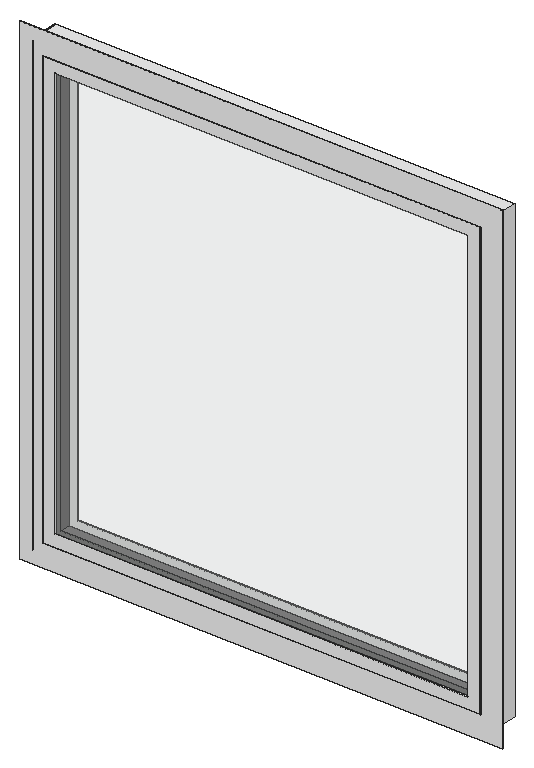
Revit family "Casement_34_E_Top_Hung_Custom", category Windows, host Wall, Revit 2014
Parameters (values of type "Casement_Sash_DG")
  Width Sash [instance] = 30 mm
  Width Sash Inner = 15 mm
  Width Bead = 15 mm
  Top Hung [instance] = yes
  Side Hung Right [instance] = yes
  Side Hung Left [instance] = yes
  Sash Opening Width [instance] = 600 mm
  Sash Opening Height [instance] = 600.312 mm
  Sash Lip = 15 mm
  Glazing Material [instance] = Glass
  DG Start Piece 2 [instance] = DG End Piece 1 + DG Gasket Thickness  # 25 mm
  DG Start Peice 1 [instance] = (Depth Sash - (2 * DG Glazing Thickness) - DG Gasket Thickness) / 2  # 6.6 mm
  Glazing Offset = 5 mm
  DG Glazing Thickness [instance] = 6.4 mm
  DG Gasket Thickness = 12 mm  # constant formula
  DG Gasket Material [instance] = Double Glazing Gasket Material
  DG End Piece 2 [instance] = DG Start Piece 2 + DG Glazing Thickness  # 31.4 mm
  DG End Piece 1 [instance] = DG Start Peice 1 + DG Glazing Thickness  # 13 mm
  Depth Sash [instance] = 38 mm
  Center Vertical Sash [instance] = Sash Opening Height / 2  # 300.156 mm
  Center Horizontal Sash [instance] = Sash Opening Width / 2  # 300 mm
  Bottom Hung [instance] = yes
  Bead Offset = 15 mm
  Aluminium Thickness = 1 mm
  Aluminium Material [instance] = White Powder Coated Aluminium
Reference planes
  plane 1 "Center (Front/Back)": y = 0
  plane 2: z = 0
  plane 3 "Center (Left/Right)": x = 0
Forms (mm)
  Sweep 1, solid, material "White Powder Coated Aluminium" <- "Aluminium Material"
    path origin (16.177, 0, 121.331) x (1, 0, 0) y (0, 0, 1)
      loop
        line (0, 0) -> (600, 0) -> (600, 600.312) -> (0, 600.312) -> (0, 0)
    profile origin (316.177, 0, 121.331) x (0, 0, 1) y (0, -1, 0)
      loop
        line (0, 0) -> (30, 0) -> (30, 1) -> (15, 1) -> (15, 38) -> (-15, 38) -> (-15, 37) -> (0, 37) -> (0, 0)
      loop
        line (14, 1) -> (14, 37) -> (1, 37) -> (1, 1) -> (14, 1)
  Sweep 2, solid, material "White Powder Coated Aluminium" <- "Aluminium Material"
    path origin (0, 0, 0) x (1, 0, 0) y (0, 0, 1)
      loop
        line (31.177, 706.643) -> (31.177, 136.331) -> (601.177, 136.331) -> (601.177, 706.643) -> (31.177, 706.643)
    profile origin (316.177, 0, 706.643) x (0, 0, 1) y (0, -1, 0)
      loop
        line (0, 37) -> (0, 38) -> (-15, 38) -> (-15, 37) -> (0, 37)
  Extrusion 3, solid, material "Glass" <- "Glazing Material"
    sketch origin (0, 0, 0) x (1, 0, 0) y (0, 0, 1)
      loop
        line (36.177, 701.643) -> (36.177, 141.331) -> (596.177, 141.331) -> (596.177, 701.643) -> (36.177, 701.643)
    from 6.6 <- "DG Start Peice 1" to 13 <- "DG End Piece 1"
  Extrusion 4, solid, material "Glass" <- "Glazing Material"
    sketch origin (0, 0, 0) x (1, 0, 0) y (0, 0, 1)
      loop
        line (36.177, 701.643) -> (36.177, 141.331) -> (596.177, 141.331) -> (596.177, 701.643) -> (36.177, 701.643)
    from 31.4 <- "DG End Piece 2" to 25 <- "DG Start Piece 2"
  Sweep 5, solid, material "Double Glazing Gasket Material" <- "DG Gasket Material"
    path origin (0, -13, 0) x (1, 0, 0) y (0, 0, 1)
      loop
        line (36.177, 701.643) -> (36.177, 141.331) -> (596.177, 141.331) -> (596.177, 701.643) -> (36.177, 701.643)
    profile origin (316.177, -13, 701.643) x (0, 0, 1) y (0, -1, 0)
      loop
        line (0, 0) -> (0, 12) -> (-7.96, 12) -> (-7.96, 0) -> (0, 0)
Lines and regions (mm)
  model lines
    curve 1: line (1.177, -38, 736.643) -> (31.177, -38, 706.643)
    curve 2: line (601.177, -38, 706.643) -> (631.177, -38, 736.643)
    curve 3: line (601.177, -38, 136.331) -> (631.177, -38, 106.331)
    curve 4: line (1.177, -38, 106.331) -> (31.177, -38, 136.331)
    curve 5: line (631.177, -37, 736.643) -> (616.177, -37, 721.643)
    curve 6: line (1.177, -37, 736.643) -> (16.177, -37, 721.643)
    curve 7: line (1.177, -37, 106.331) -> (16.177, -37, 121.331)
    curve 8: line (631.177, -37, 106.331) -> (616.177, -37, 121.331)
    curve 9: line (616.177, 0, 121.331) -> (586.177, 0, 151.331)
    curve 10: line (46.177, 0, 151.331) -> (16.177, 0, 121.331)
    curve 11: line (616.177, 0, 721.643) -> (586.177, 0, 691.643)
    curve 12: line (46.177, 0, 691.643) -> (16.177, 0, 721.643)
    curve 13: line (31.177, -38, 691.643) -> (46.177, -38, 691.643)
    curve 14: line (586.177, -38, 691.643) -> (601.177, -38, 691.643)
    curve 15: line (586.177, -38, 151.331) -> (601.177, -38, 151.331)
    curve 16: line (31.177, -38, 151.331) -> (46.177, -38, 151.331)
  model lines, style "GenericModelHiddenLines", visible <- "Top Hung"
    curve 17: line (46.386, -31.4, 690.914) -> (316.177, -31.4, 151.331)
    curve 18: line (316.177, -31.4, 151.331) -> (586.177, -31.4, 691.331)
  model lines, style "GenericModelHiddenLines", visible <- "Bottom Hung"
    curve 19: line (46.177, -31.4, 151.331) -> (316.177, -31.4, 691.331)
    curve 20: line (316.177, -31.4, 691.331) -> (586.177, -31.4, 151.331)
  model lines, style "GenericModelHiddenLines", visible <- "Side Hung Left"
    curve 21: line (46.386, -31.4, 690.914) -> (585.24, -31.4, 421.487)
    curve 22: line (585.24, -31.4, 421.487) -> (46.177, -31.4, 151.331)
  model lines, style "GenericModelHiddenLines", visible <- "Side Hung Right"
    curve 23: line (586.177, -31.4, 691.331) -> (46.177, -31.4, 421.487)
    curve 24: line (46.177, -31.4, 421.487) -> (586.177, -31.4, 151.331)
Dimensions and locks
  "Aluminium Thickness": Sweep 1 sketch curve to Sweep 1 sketch curve  (x4)
  "Depth Sash": Sweep 1 sketch curve to Sweep 1 sketch curve
  "Sash Opening Width": Sweep 1 to Sweep 1
  "Sash Opening Height": Sweep 1 to Sweep 1
  "Width Sash": Sweep 1 sketch curve to Sweep 1 sketch curve  (x2)
  "Width Sash Inner": Sweep 1 sketch curve to Sweep 1 sketch curve
  "Sash Lip": Sweep 1 sketch curve to Sweep 1 sketch curve
  "Aluminium Thickness": Sweep 1 to Sweep 2 sketch curve
  "Glazing Offset": Sweep 2 to Extrusion 3 sketch curve  (x3)
  "Glazing Offset": Extrusion 3 sketch curve to Sweep 2
  Sweep 1 to Sweep 1 = 1 mm
  "Aluminium Thickness": Sweep 2 sketch curve to Sweep 2 sketch curve
  "Width Bead": Sweep 2 sketch curve to Sweep 2 sketch curve
  locked: Sweep 5 sketch curve to Sweep 5 sketch curve at 7.96
  "Center Horizontal Sash": Sweep 1 to curve 18
  "Center Horizontal Sash": Sweep 1 to curve 20
  "Center Vertical Sash": Sweep 1 to curve 22
  "Center Vertical Sash": Sweep 1 to curve 24
  aligned and locked: level to plane 2
  aligned and locked: Sweep 1 sketch curve to Sweep 1 sketch curve  (x2)
  aligned and locked: Sweep 2 sketch curve to Sweep 1  (x5)
  aligned and locked: Extrusion 4 sketch curve to Extrusion 3  (x4)
  aligned and locked: Sweep 5 sketch curve to Extrusion 3  (x5)
  aligned and locked: Extrusion 3 to Sweep 5 sketch curve
Automatic sketch dimensions
  plane 3 "Center (Left/Right)" to Sweep 1 sketch curve = 16.177 mm
  level to Sweep 1 sketch curve = 121.331 mm
  plane 3 "Center (Left/Right)" to Sweep 1 sketch curve = 616.177 mm
  level to Sweep 1 sketch curve = 721.643 mm
  profile plane to Sweep 5 sketch curve = 12 mm
  curve 7 to Sweep 1 = 0 mm  (x4)
  curve 6 to Sweep 1 = 0 mm  (x3)
  Sweep 1 to curve 6 = 0 mm
  curve 5 to Sweep 1 = 0 mm  (x3)
  curve 8 to Sweep 1 = 0 mm  (x4)
  Sweep 1 to curve 5 = 0 mm
  curve 16 to Sweep 2 = 0 mm  (x3)
  curve 13 to Sweep 2 = 0 mm  (x3)
  curve 15 to Sweep 2 = 0 mm
  Sweep 2 to curve 15 = 0 mm  (x2)
  curve 14 to Sweep 2 = 0 mm  (x2)
  Sweep 2 to curve 14 = 0 mm
  curve 1 to Sweep 1 = 0 mm  (x4)
  curve 4 to Sweep 1 = 0 mm  (x3)
  Sweep 1 to curve 4 = 0 mm
  curve 3 to Sweep 1 = 0 mm  (x3)
  curve 2 to Sweep 1 = 0 mm  (x4)
  Sweep 1 to curve 3 = 0 mm
  curve 10 to Sweep 1 = 0 mm  (x4)
  curve 12 to Sweep 1 = 0 mm  (x3)
  Sweep 1 to curve 12 = 0 mm
  curve 9 to Sweep 1 = 0 mm  (x4)
  curve 11 to Sweep 1 = 0 mm  (x3)
  Sweep 1 to curve 11 = 0 mm
  Sweep 1 sketch curve to plane 1 "Center (Front/Back)" = 0 mm
  profile plane to Sweep 1 sketch curve = 0 mm
  curve 21 to Extrusion 4 = 10.208 mm
  curve 19 to Extrusion 4 = 10 mm
  curve 23 to Extrusion 4 = 10 mm  (x2)
  curve 22 to Extrusion 4 = 10.937 mm
  curve 20 to Extrusion 4 = 10 mm
  curve 24 to Extrusion 4 = 10 mm
  curve 22 to Extrusion 4 = 10 mm
  curve 18 to Extrusion 4 = 10 mm
  curve 21 to Extrusion 4 = 10.729 mm
  curve 19 to Extrusion 4 = 10.312 mm
  curve 18 to Extrusion 4 = 10.312 mm
